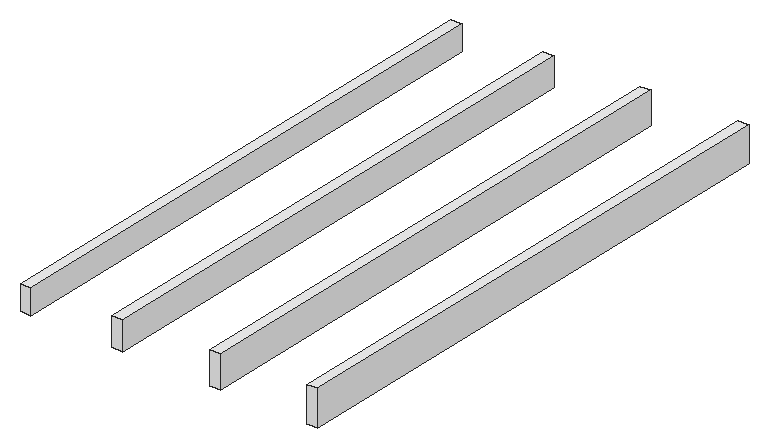
Revit family "CT_Bloco_I_Laje_Con_Nervurada_Vigas", category Structural Framing, Revit 2025
Family settings
  Section Shape = Not Defined
  Material for Model Behavior = Other
  Always export as geometry = No
  OmniClass Number = 23.25.30.11.14.14
  OmniClass Title = Beams
  Always vertical = Yes
  Cut with Voids When Loaded = No
  Symbolic Representation = From Family
  Shared = No
  Show family pre-cut in plan views = Yes
Parameters (values of type "LAJ_CON_NER_COB")
  Structural Material [instance] = Default
  Material_Lajes = CT_Concreto
  Length [instance] = 3.000 m
  Comp [instance] = 15.000 m
Reference planes (m)
  plane 1 "Center (Front/Back)": y = 0
  plane 2 "Center Elevation": z = 0
  plane 3 "Center (Left/Right)": x = 0
  plane 4 "Left": x = -1.5
  plane 5 "Right": x = 1.5
Forms (m)
  Extrusion 1, solid, material "CT_Concreto" <- "Material_Lajes"
    sketch origin (0, 0, 0) x (1, 0, 0) y (0, 0, 1)
      loop
        line (-6.635714, 0.79188) -> (-6.935714, 0.781138) -> (-6.935714, 0) -> (-6.635714, 0) -> (-6.635714, 0.79188)
      loop
        line (-9.2, 0.700064) -> (-9.5, 0.689322) -> (-9.5, 0) -> (-9.2, 0) -> (-9.2, 0.700064)
      loop
        line (-1.207143, 0.986254) -> (-1.507143, 0.975512) -> (-1.507143, 0) -> (-1.207143, 0) -> (-1.207143, 0.986254)
      loop
        line (-3.921429, 0.889067) -> (-4.221429, 0.878325) -> (-4.221429, 0) -> (-3.921429, 0) -> (-3.921429, 0.889067)
    from 0 to 15
Lines and regions (m)
  model lines, style "Stick Symbols", detail levels coarse
    curve 1: line (-1, 0, 0) -> (1, 0, 0)
Dimensions and locks (m)
  "Length": plane 4 "Left" to plane 5 "Right"
  "Comp": Extrusion 1 to Extrusion 1
  aligned and locked: plane 1 "Center (Front/Back)" to curve 1
  aligned and locked: level to plane 2 "Center Elevation"
  aligned and locked: plane 2 "Center Elevation" to Extrusion 1
  aligned and locked: Extrusion 1 to plane 2 "Center Elevation"
Automatic sketch dimensions
  Extrusion 1 sketch curve to level = 0.000 m  (x4)
  level to Extrusion 1 sketch curve = 0.689322 m
  Extrusion 1 sketch curve to Extrusion 1 sketch curve = 0.010742 m  (x4)
  curve 1 to plane 4 "Left" = 0.500 m
  Extrusion 1 sketch curve to plane 4 "Left" = 0.292857 m
  plane 5 "Right" to curve 1 = 0.500 m
  plane 4 "Left" to Extrusion 1 sketch curve = 0.007143 m
  level to Extrusion 1 sketch curve = 0.781138 m
  level to Extrusion 1 sketch curve = 0.878325 m
  Extrusion 1 sketch curve to Extrusion 1 sketch curve = 2.264286 m
  Extrusion 1 sketch curve to Extrusion 1 sketch curve = 0.300 m  (x3)
  Extrusion 1 sketch curve to Extrusion 1 sketch curve = 2.414286 m  (x2)
  level to Extrusion 1 sketch curve = 0.975512 m
